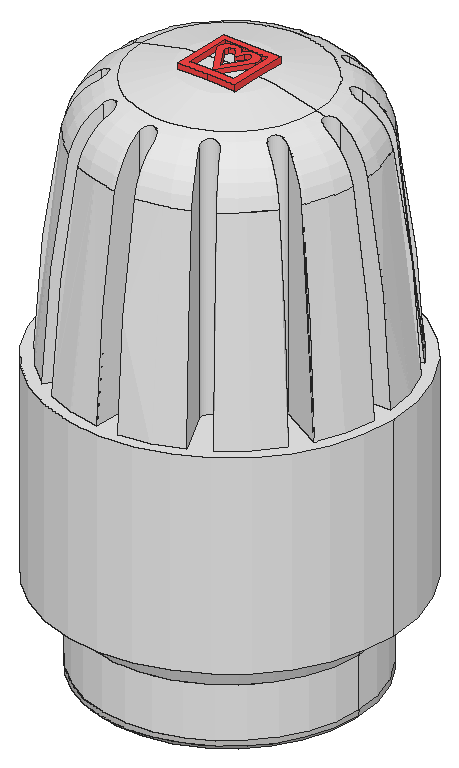
Revit family "Термостатическая головка ГЕРЦКУЛЕС в сверхпрочном исполнении,  с присоединительной резьбой М 28х1.5, 9860", category Rohrzubehör, Revit 2021
Family settings
  Bemaßung runder Anschluss = Durchmesser verwenden
  Teiletyp = Normal
  OmniClass-Nummer = 23.65.55.14
  OmniClass-Titel = Valves for Liquid Services
  Arbeitsebenenbasiert = Nein
  Immer vertikal = Nein
  Beim Laden mit Abzugskörper schneiden = Nein
  Gemeinsam genutzt = Nein
Parameters
  Принцип действия = "HERZ-термостатическая головка является датчиком прямого регулирования.\r\nИзменение объема жидкости в HERZ-гидросенсоре приводит в движение шток клапана."
  Область применения = "\"ГЕРЦКУЛЕС\" термостатическая головка предназначена для монтажа на всех HERZ-клапанах, предназначенных для термостатической работы."
  Номер заказа = 1986010  # constant formula
  Маховик = "Пластик, белый"  # constant formula
  Исполнение = "Термостатическая головка \"ГЕРЦКУЛЕС\" в сверхпрочном исполнении с защитой от вандализма, кражи и неумелого обращения. Монтаж, демонтаж и настройка необходимых значений возможны только с помощью специальных ключей. Положение настройки блокируется, заблокированная позиция настройки в рабочем состоянии скрыта от доступа.  С позицией морозозащиты."
  Диапазон регулирования = "8 - 26°C"  # constant formula
  Vorgabe-Ansicht = 0.000 mm
  URL = "www.herz-armaturen.ru"
  S02 = 60.000 mm  # constant formula
  S01 = 81.000 mm  # constant formula
  Hersteller = "HERZ Armaturen Ges.m.b.H."  # constant formula
Reference planes
  plane 1 "Mitte (Vorne/hinten)": y = 0
  plane 2: z = 0
  plane 3 "Mitte (Links/rechts)": x = 0
Forms (mm)
  Revolve 1, solid, material "Kunststoff weiß", detail levels fine
    sketch origin (0, 0, 0) x (1, 0, 0) y (0, 0, 1)
      loop
        line (-20.5, -3.5) -> (-14, -3.5) -> (-14, 0) -> (0, 0) -> (0, 81)
        arc (0, 81) -> (-6.982, 80.51) -> (-13.827, 79.05) r 50
        arc (-13.827, 79.05) -> (-18.34, 76.173) -> (-20.722, 71.381) r 10
        arc (-20.722, 71.381) -> (-23.123, 55.561) -> (-24.254, 39.6) r 200.5
        line (-24.254, 39.6) -> (-26, 39.6) -> (-26, 9) -> (-23.156, 9) -> (-20.5, 4.4) -> (-20.5, -3.5)
      axis (0, 81) -> (0, -3.5)
    angle from 0 to 360
  Revolve 2, solid, material "Messing verzinkt", detail levels fine
    sketch origin (0, 0, -5) x (1, 0, 0) y (0, 0, 1)
      loop
        line (-14, 0) -> (-14, 1.5) -> (-20.5, 1.5) -> (-20.5, 0.7) -> (-19.8, 0) -> (-14, 0)
      axis (0, 1.5) -> (0, 0)
    angle from 0 to 360
  Extrusion 3, void
    sketch origin (0, 0, 0) x (1, 0, 0) y (0, 1, 0)
      loop
        line (1.7, -24.289) -> (1.331, -16.288)
        arc (1.331, -16.288) -> (-0.021, -15) -> (-1.366, -16.294) r 1.35
        line (-1.366, -16.294) -> (-1.7, -24.292)
        arc (-1.7, -24.292) -> (0, -24.35) -> (1.7, -24.289) r 24.35
      loop
        arc (-13.65, -20.176) -> (-12.208, -21.079) -> (-10.707, -21.879) r 24.35
        line (-10.707, -21.879) -> (-6.996, -14.785)
        arc (-6.996, -14.785) -> (-7.515, -12.992) -> (-9.329, -13.431) r 1.35
        line (-9.329, -13.431) -> (-13.65, -20.176)
      loop
        line (-20.194, -13.632) -> (-13.449, -9.312)
        arc (-13.449, -9.312) -> (-13.009, -7.497) -> (-14.803, -6.979) r 1.35
        line (-14.803, -6.979) -> (-21.896, -10.689)
        arc (-21.896, -10.689) -> (-21.097, -12.19) -> (-20.194, -13.632) r 24.35
      loop
        arc (-24.307, 1.718) -> (-24.368, 0.018) -> (-24.309, -1.682) r 24.35
        line (-24.309, -1.682) -> (-16.311, -1.349)
        arc (-16.311, -1.349) -> (-15.018, -0.003) -> (-16.305, 1.349) r 1.35
        line (-16.305, 1.349) -> (-24.307, 1.718)
      loop
        arc (1.7, 24.289) -> (0, 24.35) -> (-1.7, 24.292) r 24.35
        line (-1.7, 24.292) -> (-1.366, 16.294)
        arc (-1.366, 16.294) -> (-0.021, 15) -> (1.331, 16.288) r 1.35
        line (1.331, 16.288) -> (1.7, 24.289)
      loop
        line (-13.65, 20.176) -> (-9.329, 13.431)
        arc (-9.329, 13.431) -> (-7.515, 12.992) -> (-6.996, 14.785) r 1.35
        line (-6.996, 14.785) -> (-10.707, 21.879)
        arc (-10.707, 21.879) -> (-12.208, 21.079) -> (-13.65, 20.176) r 24.35
      loop
        arc (-20.194, 13.632) -> (-21.097, 12.19) -> (-21.896, 10.689) r 24.35
        line (-21.896, 10.689) -> (-14.803, 6.979)
        arc (-14.803, 6.979) -> (-13.009, 7.497) -> (-13.449, 9.312) r 1.35
        line (-13.449, 9.312) -> (-20.194, 13.632)
      loop
        line (24.307, 1.718) -> (16.305, 1.349)
        arc (16.305, 1.349) -> (15.018, -0.003) -> (16.311, -1.349) r 1.35
        line (16.311, -1.349) -> (24.309, -1.682)
        arc (24.309, -1.682) -> (24.368, 0.018) -> (24.307, 1.718) r 24.35
      loop
        arc (13.65, 20.176) -> (12.208, 21.079) -> (10.707, 21.879) r 24.35
        line (10.707, 21.879) -> (6.996, 14.785)
        arc (6.996, 14.785) -> (7.515, 12.992) -> (9.329, 13.431) r 1.35
        line (9.329, 13.431) -> (13.65, 20.176)
      loop
        line (20.194, 13.632) -> (13.449, 9.312)
        arc (13.449, 9.312) -> (13.009, 7.497) -> (14.803, 6.979) r 1.35
        line (14.803, 6.979) -> (21.896, 10.689)
        arc (21.896, 10.689) -> (21.097, 12.19) -> (20.194, 13.632) r 24.35
      loop
        line (13.65, -20.176) -> (9.329, -13.431)
        arc (9.329, -13.431) -> (7.515, -12.992) -> (6.996, -14.785) r 1.35
        line (6.996, -14.785) -> (10.707, -21.879)
        arc (10.707, -21.879) -> (12.208, -21.079) -> (13.65, -20.176) r 24.35
      loop
        arc (20.194, -13.632) -> (21.097, -12.19) -> (21.896, -10.689) r 24.35
        line (21.896, -10.689) -> (14.803, -6.979)
        arc (14.803, -6.979) -> (13.009, -7.497) -> (13.449, -9.312) r 1.35
        line (13.449, -9.312) -> (20.194, -13.632)
    from 39.6 to 90
Cuts and joins
  Extrusion 3 cuts Revolve 1
Lines and regions (mm)
  model lines, detail levels coarse+medium
    curve 1: line (0, 0, 0) -> (0, 0, 21)
    curve 2: line (0, -0.017, 0) -> (0, 21, 0)
    curve 3: circle (0, 0, 51) r 30 normal (0, -1, 0)
    curve 4: circle (0, 0, 51) r 30 normal (1, 0, 0)
    curve 5: line (0, 0, 31) -> (0, 0, 71)
    curve 6: line (0, 17.5, 71) -> (0, -17.5, 71)
    curve 7: line (0, 0, 31) -> (0, 0, 71)
    curve 8: line (-17.5, 0, 71) -> (17.5, 0, 71)
    curve 9: circle (0, 51, 0) r 30 normal (0, 0, 1)
    curve 10: line (0, 31, 0) -> (0, 71, 0)
    curve 11: line (-17.5, 71, 0) -> (17.5, 71, 0)
Dimensions and locks
  nested 1 to plane 2 = 80.000 mm
  "S01": curve 4 to plane 2
  "S01": curve 3 to plane 2
  "S01": plane 1 "Mitte (Vorne/hinten)" to curve 9
  "S02": diameter of curve 3
  "S02": diameter of curve 4
  "S02": diameter of curve 9
  aligned and locked: level to plane 2
Automatic sketch dimensions
  Revolve 1 sketch curve to level = 0.000 mm
  Revolve 1 sketch curve to plane 3 "Mitte (Links/rechts)" = 0.000 mm  (x2)
  Revolve 1 sketch curve to plane 3 "Mitte (Links/rechts)" = 10.903 mm
  Revolve 1 sketch curve to plane 3 "Mitte (Links/rechts)" = 14.000 mm
  Revolve 1 sketch curve to Revolve 1 sketch curve = 6.500 mm
  level to Revolve 1 sketch curve = 9.000 mm
  Revolve 1 sketch curve to Revolve 1 sketch curve = 2.656 mm
  Revolve 1 sketch curve to plane 3 "Mitte (Links/rechts)" = 24.254 mm
  Revolve 1 sketch curve to Revolve 1 sketch curve = 1.746 mm
  level to Revolve 1 sketch curve = 33.411 mm
  plane 3 "Mitte (Links/rechts)" to Revolve 1 sketch curve = 176.150 mm
  Revolve 1 sketch curve to level = 3.500 mm
  level to Revolve 1 sketch curve = 4.400 mm
  level to Revolve 1 sketch curve = 31.000 mm
  Revolve 1 sketch curve to Revolve 1 sketch curve = 8.600 mm
  Revolve 1 sketch curve to Revolve 1 sketch curve = 29.887 mm
  Revolve 1 sketch curve to Revolve 1 sketch curve = 11.513 mm
  Revolve 1 sketch curve to Revolve 1 sketch curve = 2.925 mm
  level to Revolve 1 sketch curve = 5.000 mm
  Revolve 1 sketch curve to Revolve 1 sketch curve = 2133.315 mm
  Revolve 2 sketch curve to plane 3 "Mitte (Links/rechts)" = 0.000 mm
  Revolve 2 sketch curve to level = 5.000 mm
  Revolve 2 sketch curve to plane 3 "Mitte (Links/rechts)" = 14.000 mm
  Revolve 2 sketch curve to Revolve 2 sketch curve = 5.800 mm
  Revolve 2 sketch curve to Revolve 2 sketch curve = 0.700 mm  (x2)
  Revolve 2 sketch curve to Revolve 2 sketch curve = 1.500 mm
  Revolve 2 sketch curve to Revolve 2 sketch curve = 366.045 mm
  level to Revolve 2 sketch curve = 2209.315 mm
  Extrusion 3 sketch curve to Extrusion 3 sketch curve = 0.000 mm  (x62)
  plane 1 "Mitte (Vorne/hinten)" to Extrusion 3 sketch curve = 0.000 mm  (x4)
  plane 1 "Mitte (Vorne/hinten)" to Extrusion 3 sketch curve = 1.682 mm  (x2)
  Extrusion 3 sketch curve to plane 3 "Mitte (Links/rechts)" = 24.309 mm
  Extrusion 3 sketch curve to plane 1 "Mitte (Vorne/hinten)" = 1.718 mm  (x2)
  Extrusion 3 sketch curve to Extrusion 3 sketch curve = 0.002 mm
  plane 1 "Mitte (Vorne/hinten)" to Extrusion 3 sketch curve = 10.689 mm  (x2)
  Extrusion 3 sketch curve to Extrusion 3 sketch curve = 2.413 mm
  plane 1 "Mitte (Vorne/hinten)" to Extrusion 3 sketch curve = 13.632 mm
  Extrusion 3 sketch curve to Extrusion 3 sketch curve = 4.113 mm
  Extrusion 3 sketch curve to Extrusion 3 sketch curve = 7.942 mm
  plane 1 "Mitte (Vorne/hinten)" to Extrusion 3 sketch curve = 1.349 mm  (x2)
  Extrusion 3 sketch curve to Extrusion 3 sketch curve = 0.056 mm
  Extrusion 3 sketch curve to plane 1 "Mitte (Vorne/hinten)" = 1.349 mm  (x2)
  Extrusion 3 sketch curve to plane 1 "Mitte (Vorne/hinten)" = 6.979 mm  (x2)
  Extrusion 3 sketch curve to Extrusion 3 sketch curve = 1.503 mm  (x4)
  plane 1 "Mitte (Vorne/hinten)" to Extrusion 3 sketch curve = 6.979 mm  (x2)
  Extrusion 3 sketch curve to Extrusion 3 sketch curve = 1.509 mm
  Extrusion 3 sketch curve to Extrusion 3 sketch curve = 0.626 mm  (x6)
  Extrusion 3 sketch curve to Extrusion 3 sketch curve = 6.544 mm  (x2)
  Extrusion 3 sketch curve to plane 1 "Mitte (Vorne/hinten)" = 9.312 mm
  Extrusion 3 sketch curve to Extrusion 3 sketch curve = 0.728 mm  (x6)
  plane 1 "Mitte (Vorne/hinten)" to Extrusion 3 sketch curve = 9.312 mm
  Extrusion 3 sketch curve to Extrusion 3 sketch curve = 2.943 mm  (x4)
  Extrusion 3 sketch curve to Extrusion 3 sketch curve = 4.120 mm  (x6)
  Extrusion 3 sketch curve to Extrusion 3 sketch curve = 1.137 mm  (x4)
  Extrusion 3 sketch curve to Extrusion 3 sketch curve = 1.196 mm  (x5)
  Extrusion 3 sketch curve to plane 3 "Mitte (Links/rechts)" = 1.700 mm  (x2)
  Extrusion 3 sketch curve to plane 3 "Mitte (Links/rechts)" = 1.366 mm  (x2)
  Extrusion 3 sketch curve to plane 3 "Mitte (Links/rechts)" = 0.018 mm  (x2)
  plane 3 "Mitte (Links/rechts)" to Extrusion 3 sketch curve = 0.018 mm
  plane 3 "Mitte (Links/rechts)" to Extrusion 3 sketch curve = 1.331 mm  (x2)
  plane 3 "Mitte (Links/rechts)" to Extrusion 3 sketch curve = 1.700 mm  (x2)
  Extrusion 3 sketch curve to Extrusion 3 sketch curve = 5.665 mm  (x2)
  Extrusion 3 sketch curve to Extrusion 3 sketch curve = 3.710 mm  (x2)
  Extrusion 3 sketch curve to Extrusion 3 sketch curve = 0.006 mm  (x3)
  Extrusion 3 sketch curve to Extrusion 3 sketch curve = 6.745 mm  (x6)
  Extrusion 3 sketch curve to Extrusion 3 sketch curve = 1.702 mm  (x3)
  Extrusion 3 sketch curve to plane 1 "Mitte (Vorne/hinten)" = 10.689 mm  (x2)
  Extrusion 3 sketch curve to Extrusion 3 sketch curve = 8.002 mm  (x3)
  Extrusion 3 sketch curve to Extrusion 3 sketch curve = 7.181 mm
  Extrusion 3 sketch curve to Extrusion 3 sketch curve = 4.848 mm
  Extrusion 3 sketch curve to Extrusion 3 sketch curve = 2.333 mm
  Extrusion 3 sketch curve to Extrusion 3 sketch curve = 4.320 mm
  curve 5 to plane 1 "Mitte (Vorne/hinten)" = 0.000 mm
  curve 4 to plane 1 "Mitte (Vorne/hinten)" = 0.000 mm
  plane 1 "Mitte (Vorne/hinten)" to curve 6 = 17.500 mm
  curve 5 to curve 6 = 17.500 mm
  curve 5 to curve 4 = 20.000 mm
  curve 4 to curve 6 = 20.000 mm
  curve 3 to plane 3 "Mitte (Links/rechts)" = 0.000 mm
  curve 7 to plane 3 "Mitte (Links/rechts)" = 0.000 mm
  curve 1 to plane 3 "Mitte (Links/rechts)" = 0.000 mm
  curve 1 to level = 0.000 mm
  curve 8 to curve 7 = 17.500 mm
  plane 3 "Mitte (Links/rechts)" to curve 8 = 17.500 mm
  curve 1 to curve 7 = 10.000 mm
  curve 3 to curve 8 = 20.000 mm
  curve 9 to plane 3 "Mitte (Links/rechts)" = 0.000 mm
  curve 10 to plane 3 "Mitte (Links/rechts)" = 0.000 mm
  curve 2 to plane 3 "Mitte (Links/rechts)" = 0.000 mm
  curve 11 to curve 10 = 17.500 mm
  plane 3 "Mitte (Links/rechts)" to curve 11 = 17.500 mm
  plane 1 "Mitte (Vorne/hinten)" to curve 2 = 0.017 mm
  curve 2 to curve 10 = 10.000 mm
  curve 9 to curve 11 = 20.000 mm
Nested families
  nested 1: "Herz-Logo" at (0, 0, 80), type "Herz-Logo", detail levels fine
Definition of nested family "Herz-Logo"
  Parameters (values of type "Herz-Logo")
    Default Elevation = 0.000 mm
  Reference planes
    plane 1 "Mitte (Vorne/hinten)": y = 0
    plane 2: z = 0
    plane 3 "Mitte (Links/rechts)": x = 0
  Forms (mm)
    Extrusion 1, solid
      sketch origin (0, 0, 0) x (1, 0, 0) y (0, 1, 0)
        loop
          line (-0.018, -4.517) -> (4.482, -4.517) -> (4.482, 4.483) -> (-4.518, 4.483) -> (-4.518, -4.517) -> (-0.018, -4.517)
        loop
          line (-0.05, -3.48) -> (3.482, -3.48) -> (3.482, 3.483) -> (-3.518, 3.483) -> (-3.518, -3.48) -> (-0.05, -3.48)
        loop
          arc (-0.018, 2.383) -> (-1.543, 3.287) -> (-3.067, 2.383) r 1.738
          arc (-3.067, 2.383) -> (-3.191, 1.899) -> (-3.067, 1.415) r 1.009
          line (-3.067, 1.415) -> (-0.018, -3.281) -> (3.032, 1.415)
          arc (3.032, 1.415) -> (3.156, 1.899) -> (3.032, 2.383) r 1.009
          arc (3.032, 2.383) -> (1.507, 3.287) -> (-0.018, 2.383) r 1.738
        loop
          arc (1.885, 1.272) -> (2.005, 1.675) -> (1.885, 2.079) r 0.74
          arc (1.885, 2.079) -> (1.265, 2.416) -> (0.644, 2.079) r 0.74
          line (0.644, 2.079) -> (-0.018, 0.97) -> (-0.679, 2.079)
          arc (-0.679, 2.079) -> (-1.3, 2.416) -> (-1.921, 2.079) r 0.74
          arc (-1.921, 2.079) -> (-2.04, 1.675) -> (-1.921, 1.272) r 0.74
          line (-1.921, 1.272) -> (-0.018, -1.658) -> (1.885, 1.272)
      from 0 to 1.5
  Dimensions and locks
    aligned and locked: level to plane 2
